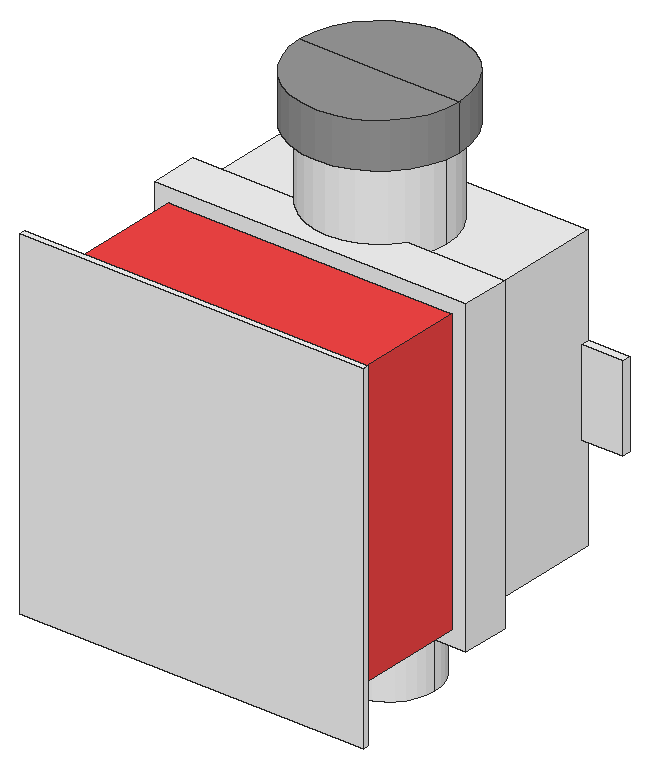
Revit family "HL_condensate trap_HL138N", category Příslušenství trubek, Revit 2021
Family settings
  Kóta kulaté spojky = Použít průměr
  Typ dílu = Normální
  Číslo OmniClass = 23.60.30.00
  Nadpis OmniClass = General Pipework and Ductwork Products
  Založené na pracovní rovině = Ne
  Vždy vertikální = Ano
  Ořezat dutým tvarem při načtení = Ne
  Sdílené = Ne
Parameters (values of type "HL_condensate trap_HL138N")
  x [instance] = if(Installation height > 110 mm, -10 mm, if(Installation height < 60 mm, -10 mm, Installation height - 59 mm))  # 51 mm
  a [instance] = if(Input 20, 87 mm, 71 mm)  # 71 mm
  WEIGHT = "0,28 kg"
  Výrobce = "HL Hutterer & Lechner GmbH"
  Výchozí výška = 0 mm
  URL = "http://www.hutterer-lechner.com/en/products/catalog/roof-drains/HL138N.aspx"
  Popis = "Air condition and ventilation"
  NOMINAL DIAMETER 2 = 32 mm
  NOMINAL DIAMETER [instance] = if(Input 20, 20 mm, 32 mm)  # 32 mm
  Model = "HL138N"
  Material 3 = Plastic - Red
  Material = Plactic - White
  Material 2 = Plactic - Black
  MATERIAL = "PP"
  LEGAL NOTICE = "\"Copyright (©), design rights or any other intellectual property rights, shall be the exclusive property of HL Hutterer & Lechner GmbH. Modification is not allowed. Family has been watermarked.\""
  Komentáře k typům = "In-wall siphon for condensate water for air conditioners DN32 - 100x100mm"
  Installation height [instance] = 110 mm
  Input 20 [instance] = no
  INSTALLATION HEIGHT = "60 - 110 mm"
  INLET = "Ø 20 - 32 mm"
  FLOW = 0.0 m³/h
  EAN = "9003076051892"
  DIMENSION = "DN32"
  Cena = 0
  CAPACITY = "0,033 l/s"
Reference planes
  plane 1 "Střed (vpředu/vzadu)": y = 0
  plane 2: z = 0
  plane 3 "Střed (vlevo/vpravo)": x = 0
  plane 4: y = -5
Forms (mm)
  Extrusion 1, solid, material "Plactic - White" <- "Material", detail levels fine
    sketch origin (0, 0, 0) x (1, 0, 0) y (0, 0, 1)
      loop
        line (-46.004, 49.936) -> (-46.004, -49.921) -> (53.868, -49.921) -> (53.868, 49.936) -> (-46.004, 49.936)
    from -25.067 to 18
  Extrusion 2, solid, material "Plactic - White" <- "Material", detail levels fine
    sketch origin (0, -18, 0) x (1, 0, 0) y (0, 0, 1)
      loop
        line (-51, 54.779) -> (-51, -55.221) -> (59, -55.221) -> (59, 54.779) -> (-51, 54.779)
    from 0 to 17.006
  Extrusion 3, solid, material "Plastic - Red" <- "Material 3", detail levels fine
    sketch origin (0, -35.006, 0) x (1, 0, 0) y (0, 0, 1)
      loop
        line (53.868, 49.936) -> (-46.004, 49.936) -> (-46.004, -49.921) -> (53.868, -49.921) -> (53.868, 49.936)
    from 0 to 51 <- "x"
  Extrusion 4, solid, material "Plactic - White" <- "Material", detail levels fine
    sketch origin (0, -86.006, 0) x (1, 0, 0) y (0, 0, 1)
      loop
        line (65.152, 59.779) -> (-56, 59.779) -> (-56, -60.221) -> (65.152, -60.221) -> (65.152, 59.779)
    from 0 to 2
  Extrusion 5, solid, material "Plactic - White" <- "Material", detail levels fine
    sketch origin (0, 0, 0) x (1, 0, 0) y (0, 0, 1)
      loop
        line (53.868, -14.942) -> (68.617, -14.942) -> (68.617, 15.2) -> (53.868, 15.2) -> (53.868, -14.942)
    from -25.067 to -22.118
  Extrusion 6, solid, material "Plactic - White" <- "Material", detail levels fine
    sketch origin (-114.622, 0, 0) x (1, 0, 0) y (0, 0, 1)
      loop
        line (53.868, -14.942) -> (68.617, -14.942) -> (68.617, 15.2) -> (53.868, 15.2) -> (53.868, -14.942)
    from -25.067 to -22.118
  Revolve 7, solid, material "Plactic - White" <- "Material", detail levels fine
    sketch origin (4.502, -5, 0) x (1, 0, 0) y (0, 0, 1)
      loop
        line (0, 49.479) -> (23.698, 49.479) -> (23.698, 80.279) -> (0, 80.279) -> (0, 49.479)
      axis (0, 49.479) -> (0, 80.279)
    angle from 0 to 360
  Revolve 8, solid, material "Plactic - White" <- "Material", detail levels fine
    sketch origin (26, 0, 0.233) x (1, 0, 0) y (0, 0, 1)
      loop
        line (-22.019, -96.826) -> (-5.909, -96.826) -> (-5.909, -49.921) -> (-22.019, -49.921) -> (-22.019, -96.826)
      axis (-22.019, -49.921) -> (-22.019, -96.826)
    angle from 0 to 360
  Revolve 9, solid, material "Plactic - Black" <- "Material 2", detail levels fine
    sketch origin (4.502, -5, 0) x (1, 0, 0) y (0, 0, 1)
      loop
        line (0, 80.279) -> (28.2, 80.279) -> (28.2, 96.279) -> (0, 96.279) -> (0, 80.279)
      axis (0, 80.279) -> (0, 96.279)
    angle from 0 to 360
Lines and regions (mm)
  model lines, detail levels coarse+medium
    curve 1: line (0, 0, 41.279) -> (35, 0, 41.279)
    curve 2: line (35, 0, 41.279) -> (35, 0, -28.721)
    curve 3: line (35, 0, -28.721) -> (19.265, 0, -28.721)
    curve 4: line (19.265, 0, -28.721) -> (19.265, 0, 21.279)
    curve 5: line (19.265, 0, 21.279) -> (3.981, 0, 21.279)
    curve 6: line (3.981, 0, -96.826) -> (3.981, 0, 21.279)
    curve 7: line (0, -5, 96.279) -> (0, 0, 41.279)
  reference lines
    curve 8: line (3.981, 0, 0) -> (3.981, 0, -96.826)
    curve 9: line (0, -5, 0) -> (0, -5, 71)
  symbolic lines, detail levels coarse+medium
    curve 10: line (-46.004, 25.067, 0) -> (53.868, 25.067, 0)
    curve 11: line (-46.004, -86.006, 0) -> (-46.004, 25.066, 0)
    curve 12: line (53.868, -86.006, 0) -> (-46.004, -86.006, 0)
    curve 13: line (53.868, 25.066, 0) -> (53.868, -86.006, 0)
Dimensions and locks
  "a": curve 9 to plane 2
  "x": Extrusion 4 to Extrusion 2
  curve 2 to curve 4 = 15.735 mm
  aligned and locked: level to plane 2
  aligned and locked: Extrusion 4 to curve 12
Automatic sketch dimensions
  curve 8 to level = 0 mm
  plane 3 "Střed (vlevo/vpravo)" to curve 8 = 3.981 mm
  curve 8 to level = 96.826 mm
  Extrusion 1 sketch curve to plane 3 "Střed (vlevo/vpravo)" = 46.004 mm
  plane 3 "Střed (vlevo/vpravo)" to Extrusion 1 sketch curve = 53.868 mm
  Extrusion 1 sketch curve to level = 49.921 mm
  level to Extrusion 1 sketch curve = 49.936 mm
  Extrusion 1 to Extrusion 2 sketch curve = 4.996 mm
  Extrusion 1 to Extrusion 2 sketch curve = 5.132 mm
  Extrusion 1 to Extrusion 2 sketch curve = 5.3 mm
  Extrusion 1 to Extrusion 2 sketch curve = 4.843 mm
  Extrusion 3 sketch curve to Extrusion 2 = 4.996 mm
  Extrusion 3 sketch curve to Extrusion 2 = 5.132 mm
  Extrusion 3 sketch curve to Extrusion 2 = 5.3 mm
  Extrusion 3 sketch curve to Extrusion 2 = 4.843 mm
  Extrusion 3 to Extrusion 4 sketch curve = 9.996 mm
  Extrusion 3 to Extrusion 4 sketch curve = 11.283 mm
  Extrusion 3 to Extrusion 4 sketch curve = 10.3 mm
  Extrusion 3 to Extrusion 4 sketch curve = 9.843 mm
  level to Extrusion 5 sketch curve = 15.2 mm
  plane 3 "Střed (vlevo/vpravo)" to Extrusion 5 sketch curve = 53.868 mm
  Extrusion 5 sketch curve to Extrusion 5 sketch curve = 14.749 mm
  Extrusion 5 sketch curve to level = 14.942 mm
  level to Extrusion 6 sketch curve = 15.2 mm
  Extrusion 6 sketch curve to plane 3 "Střed (vlevo/vpravo)" = 60.753 mm
  Extrusion 6 sketch curve to Extrusion 6 sketch curve = 14.749 mm
  Extrusion 6 sketch curve to level = 14.942 mm
  plane 3 "Střed (vlevo/vpravo)" to Revolve 7 sketch curve = 4.502 mm  (x2)
  plane 3 "Střed (vlevo/vpravo)" to Revolve 7 sketch curve = 28.2 mm
  level to Revolve 7 sketch curve = 49.479 mm
  Revolve 7 sketch curve to Revolve 7 sketch curve = 30.8 mm
  Revolve 7 sketch curve to Revolve 7 sketch curve = 16 mm
  Revolve 7 sketch curve to Revolve 7 sketch curve = 38.432 mm
  plane 3 "Střed (vlevo/vpravo)" to Revolve 8 sketch curve = 3.981 mm
  plane 3 "Střed (vlevo/vpravo)" to Revolve 8 sketch curve = 20.091 mm
  Revolve 8 sketch curve to level = 96.593 mm
  Revolve 8 sketch curve to Revolve 8 sketch curve = 46.905 mm
  Revolve 8 sketch curve to Revolve 8 sketch curve = 0 mm  (x2)
  Revolve 8 sketch curve to Revolve 8 sketch curve = 25 mm
  plane 3 "Střed (vlevo/vpravo)" to Revolve 9 sketch curve = 4.502 mm  (x2)
  plane 3 "Střed (vlevo/vpravo)" to Revolve 9 sketch curve = 32.702 mm
  level to Revolve 9 sketch curve = 80.279 mm
  Revolve 9 sketch curve to Revolve 9 sketch curve = 16 mm
  Revolve 9 sketch curve to Revolve 9 sketch curve = 0 mm
  Revolve 9 sketch curve to Revolve 9 sketch curve = 38.432 mm
  curve 7 to plane 4 = 0 mm
  curve 7 to plane 1 "Střed (vpředu/vzadu)" = 0 mm
  level to curve 7 = 41.279 mm
  curve 7 to curve 7 = 55 mm
  curve 12 to plane 3 "Střed (vlevo/vpravo)" = 46.004 mm
  plane 3 "Střed (vlevo/vpravo)" to curve 12 = 53.868 mm
  curve 11 to plane 1 "Střed (vpředu/vzadu)" = 25.066 mm
  curve 1 to plane 3 "Střed (vlevo/vpravo)" = 0 mm
  plane 3 "Střed (vlevo/vpravo)" to curve 5 = 3.981 mm
  plane 3 "Střed (vlevo/vpravo)" to curve 3 = 19.265 mm
  curve 3 to level = 28.721 mm
  level to curve 5 = 21.279 mm
  curve 4 to curve 1 = 20 mm
  curve 6 to curve 3 = 68.104 mm
  curve 9 to plane 3 "Střed (vlevo/vpravo)" = 0 mm
  curve 9 to level = 0 mm
Connectors
  piping at (5.02, -5, 71), diameter 32, driven by "FLOW", driven by "NOMINAL DIAMETER"
    settings: on curve 9, index 1, connector inside diameter 609.6 mm, connector length 0 mm, flow factor 0, pipe flow 0.0 m³/h, pressure drop 0.0 Pa, fitting loss kfactor 0, connector angle 0.00°, fixture units 0, engagement length 0 mm, angle of deflection 0.00°, flow configuration 0, flow direction 0, fitting loss method 0, system type 16, joint type 0, gender type 0, connector reference index 2, connector utility 0, adjustable connector yes, is connector primary yes, connector description ""
  piping at (3.981, 0, -96.826), diameter 32, driven by "FLOW", driven by "NOMINAL DIAMETER 2"
    settings: on curve 8, index 2, connector inside diameter 609.6 mm, connector length 0 mm, flow factor 0, pipe flow 0.0 m³/h, pressure drop 0.0 Pa, fitting loss kfactor 0, connector angle 0.00°, fixture units 0, engagement length 0 mm, angle of deflection 0.00°, flow configuration 0, flow direction 0, fitting loss method 4, system type 16, joint type 0, gender type 0, connector reference index 1, connector utility 0, adjustable connector yes, is connector primary no, connector description ""
